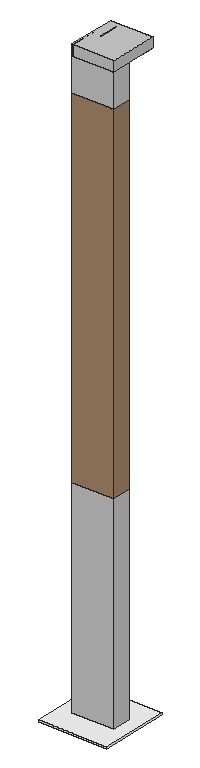
Revit family "BE_84470_de_DE", category Leuchten, Revit 2020
Family settings
  Basisbauteil = Fläche
  Bemaßung runder Anschluss = Durchmesser verwenden
  Teiletyp = Normal
  Beim Laden mit Abzugskörper schneiden = Ja
  Lichtquelle = Ja
  Gemeinsam genutzt = Nein
  Raumberechnungspunkt = Ja
Parameters (values of type "BEGA_84470_Silber_K4")
  built-in parameter 1150104 = 15.794 (stored number, unit not read)
  Windangriffsfläche = "0.9 m²"
  Werkzeuglos = ""
  Wattage = 18 W
  Default Elevation = 0 mm
  built-in parameter 1150113 = 1 (stored number, unit not read)
  built-in parameter 1114218 = 1 (stored number, unit not read)
  Umgebungstemperatur = "25 °C"
  URL = "https://www.bega.com/de/produkt/84470"
  Typenkommentare = "© 2022 BEGA. Wir behalten uns das Recht vor, technische Änderungen ohne vorherige Ankündigung vorzunehmen."  # constant formula
  Type Image = 84470.png
  built-in parameter 1150134 = 12
  built-in parameter 1150109 = 1 (stored number, unit not read)
  Strom = ""
  built-in parameter 1150110 = 1 (stored number, unit not read)
  Spannung = 239.996 V
  Sonderanfertigung = no
  Seriennummer [instance] = "Hier können Sie die eindeutige Seriennummer für das Facility Management eintragen."
  Schutzklasse = "I"
  Schutzart = "IP 65"
  Scheinlast = 0 VA
  Produktdatenblatt = "https://cdn.bega.com/bega/products/84470K3/current/documents/data-sheets/de"
  Oberflächentemperatur = ""
  Neigungswinkel = 0.00°
  Modell = "84470AK4"
  Material_38 = BEGA_Holz
  Material_17 = BEGA_Reflektor
  Material_15 = BEGA_Leuchtmedium_matt
  Material_09 = BEGA_Glas_klar
  Material_06 = BEGA_Oberfläche_Edelstahl_gebürstet
  Material_02 = BEGA_Oberfläche_Silber_matt
  Material_01 [instance] = BEGA_Oberfläche_Grafit_matt
  M_G = no
  M_A = yes
  Logo = 0
  built-in parameter 1114217 = 1 (stored number, unit not read)
  built-in parameter 1150139 = (empty or 0)
  built-in parameter 1150105 = 243.51 (stored number, unit not read)
  built-in parameter 1150114 = 1 (stored number, unit not read)
  Lumens = 3060 lm
  built-in parameter 1150115 = 1 (stored number, unit not read)
  Leuchtenlichtstrom = "2519 lm"
  Leuchtenanzahl = ""
  Lebensdauerkriterien = "L70B50 @ 25 °C = 200000 h"
  Lastklassifizierung = Beleuchtung
  built-in parameter 1150112 = 1 (stored number, unit not read)
  Lampenlichtstrom = "3090 lm"
  Lampe = "LED 15.4 W"
  LED_Modulbezeichnung = "2xLED-0850/840"
  built-in parameter 1150142 = (empty or 0)
  Hersteller = "BEGA"  # constant formula
  Halbstreuwinkel = ""
  Gewicht = "39.95 kg"
  Frequenz = "0/50-60 Hz"
  Farbwiedergabeindex = "CRI > 80"
  Farbtemperaturverschiebung bei Dämpfen der Lampe = <Keine Auswahl>
  Farbtemperatur = "4000 K"
  Color Filter = 16777215
  Erdstück [instance] = no
  built-in parameter 1150133 = 10 (stored number, unit not read)
  Energieeffizienzklasse = "LED A++ - A"
  built-in parameter 1150137 = (empty or 0)
  built-in parameter 1150132 = (empty or 0)
  ENEC = "ja"
  Dimmbar [instance] = "DALI"
  Datei für fotometrisches Netz = "BE_84470K4.IES"
  CE_Konformität = "ja"
  Bestellnummer_Erdstück [instance] = if(Erdstück, "71 140", "---")  # "---"
  Bestellnummer = "84470AK4"
  Beschreibung_Sonderanfertigung = "Hier können Sie Informationen zur Sonderanfertigung eintragen."
  Beschreibung = "Lichtbauelement"
  built-in parameter 1150106 = 2.4351 (stored number, unit not read)
  BEGA_Intern_aus = yes
  BEGA_Intern_an = yes
  BEGA_Intern_Konstruktion = yes
  BEGA_Intern = yes
  BEGA_IES = yes
  BEGA_Dummy = no
  Anschlussleitung = ""
  Anschlussleistung [instance] = "18 W"
  Anschlusskasten = ""
  built-in parameter 1150107 = 4000 (stored number, unit not read)
  built-in parameter 1150102 = (empty or 0)
  built-in parameter 1150138 = (empty or 0)
  Aktualisierung = "2022-05-19T04:00:07"
  Abstand_zur_angestrahlten_Fläche [instance] = ""
  AC/DC = "AC/DC"
Types (4, lengths in mm): name | built-in parameter 1150104 | built-in parameter 1150134 | Modell | M_G | M_A | built-in parameter 1150105 | Lumens | Leuchtenlichtstrom | Lampenlichtstrom | LED_Modulbezeichnung | Farbtemperatur | Datei für fotometrisches Netz | Bestellnummer | built-in parameter 1150106 | built-in parameter 1150107
  BEGA_84470_Grafit_K3 | 15.484 (stored number, unit not read) | (empty or 0) | "84470K3" | yes | no | 238.74 (stored number, unit not read) | 3000.06 lm | "2446 lm" | "3000 lm" | "2xLED-0850/830" | "3000 K" | "BE_84470K3.IES" | "84470K3" | 2.3874 (stored number, unit not read) | 3000 (stored number, unit not read)
  BEGA_84470_Silber_K4 | 15.794 (stored number, unit not read) | 12 | "84470AK4" | no | yes | 243.51 (stored number, unit not read) | 3060 lm | "2519 lm" | "3090 lm" | "2xLED-0850/840" | "4000 K" | "BE_84470K4.IES" | "84470AK4" | 2.4351 (stored number, unit not read) | 4000 (stored number, unit not read)
  BEGA_84470_Silber_K3 | 15.484 (stored number, unit not read) | (empty or 0) | "84470AK3" | no | yes | 238.74 (stored number, unit not read) | 3000.06 lm | "2446 lm" | "3000 lm" | "2xLED-0850/830" | "3000 K" | "BE_84470K3.IES" | "84470AK3" | 2.3874 (stored number, unit not read) | 3000 (stored number, unit not read)
  BEGA_84470_Grafit_K4 | 15.794 (stored number, unit not read) | 12 | "84470K4" | yes | no | 243.51 (stored number, unit not read) | 3060 lm | "2519 lm" | "3090 lm" | "2xLED-0850/840" | "4000 K" | "BE_84470K4.IES" | "84470K4" | 2.4351 (stored number, unit not read) | 4000 (stored number, unit not read)
Reference planes
  plane 1 "Mitte (Vorne/Hinten)": y = -55
  plane 2: z = 0
  plane 3 "Mitte (Links/Rechts)": x = 0
  plane 4 "Links": x = -120
  plane 5 "Rechts": x = 120
  plane 6 "Unten": y = -55
  plane 7 "Oben": y = 230
  plane 8 "Vorne": z = 3499.2
Forms (mm)
  Extrusion 1, solid, material "BEGA_Platte_Weiss"
    sketch origin (0, -1119.2, 0) x (1, 0, 0) y (0, 1, 0)
      loop
        line (-200, 1319.2) -> (-200, 919.2) -> (200, 919.2) -> (200, 1319.2) -> (-200, 1319.2)
    from 0 to -10
  Extrusion 2, solid, material "BEGA_Dummy_matt", visible <- "BEGA_Dummy"
    sketch origin (80.095, -76.023, 0) x (1, 0, 0) y (0, 1, 0)
      loop
        line (-200.095, 306.023) -> (-200.095, 21.023) -> (39.905, 21.023) -> (39.905, 306.023) -> (-200.095, 306.023)
    from 0 to 3499.2
Dimensions and locks
  plane 1 "Mitte (Vorne/Hinten)" to Extrusion 1 = 255 mm
  aligned and locked: Extrusion 1 to plane 2
  aligned and locked: Extrusion 1 to level
Nested families
  nested 1: "BE_84470" at (0, 0, 0), type "BE_84470"
Connectors
  electrical at (0, 0, 0), driven by "Lastklassifizierung", driven by "Spannung", driven by "Scheinlast"
    settings: index 1, voltage 239.996 V, apparent load 0 VA, apparent load phase1 0 VA, apparent load phase2 0 VA, apparent load phase3 0 VA, power factor 1, load classification "Beleuchtung", number of poles 1, system type 31, power factor state 1, is connector primary yes, connector utility no, sub classification motor no, connector description ""
Definition of nested family "BE_84470"
  Parameters (values of type "BE_84470")
    Default Elevation = 1 mm
    URL = "http://www.bega.de/de/produkt"
    Type Comments = "© 2015 BEGA. Wir behalten uns das Recht vor, technische Änderungen ohne vorherige Ankündigung vorzunehmen. "  # constant formula
    Type Image = (empty or 0)
    Material_38 = none
    Material_17 = none
    Material_15 = none
    Material_09 = none
    Material_06 = none
    Material_02 = none
    Material_01 = none
    M_W = yes
    M_G = yes
    M_A = no
    Länge_Platte = 200 mm  # constant formula
    Höhe_Platte = -10 mm  # constant formula
    Manufacturer = "BEGA"  # constant formula
    Breite_Platte = 200 mm  # constant formula
  Reference planes
    plane 1 "Mitte (Oben/Unten)": y = 0
    plane 2: z = 0
    plane 3 "Mitte (Links/Rechts)": x = 0
    plane 4: z = 3499.2
    plane 5: x = 120
    plane 6: z = 0
    plane 7: x = -120
    plane 8: y = -55
    plane 9: y = 197.985
  Forms (mm)
    Extrusion 1, solid, detail levels medium
      sketch origin (0, 0, 0) x (1, 0, 0) y (0, 1, 0)
        loop
          line (-100, 100) -> (-100, -100) -> (100, -100) -> (100, 100) -> (-100, 100)
      from 0 to -10 <- "Höhe_Platte"
    Extrusion 2, solid, material <- "Material_01", visible <- "M_G"
      sketch origin (0, 0, 0) x (1, 0, 0) y (0, 1, 0)
        loop
          line (120, -55) -> (120, 55) -> (-120, 55) -> (-120, -55) -> (120, -55)
        loop
          line (116, -51) -> (116, 51.975) -> (-116, 51.975) -> (-116, -51) -> (116, -51)
      from 0 to 1202
    Extrusion 3, solid, material <- "Material_01", visible <- "M_G"
      sketch origin (0, 2, 0) x (1, 0, 0) y (0, 1, 0)
        loop
          line (120, 228) -> (-120, 228) -> (-120, -57) -> (120, -57) -> (120, 228)
        loop
          line (117.474, -54.474) -> (117.474, 225.474) -> (-117.474, 225.474) -> (-117.474, -54.474) -> (117.474, -54.474)
      from 3439.7 to 3495.847
    Extrusion 4, solid, material <- "Material_01", visible <- "M_G"
      sketch origin (0, 0, 0) x (1, 0, 0) y (0, 1, 0)
        loop
          line (-120, -55) -> (120, -55) -> (120, 230) -> (-120, 230) -> (-120, -55)
      from 3495.847 to 3499.2
    Extrusion 5, solid, material <- "Material_01", visible <- "M_G"
      sketch origin (0, 0, 0) x (1, 0, 0) y (0, 1, 0)
        loop
          line (-117.474, 227.474) -> (-117.474, -52.474) -> (117.474, -52.474) -> (117.474, 227.474) -> (-117.474, 227.474)
        loop
          line (-107.474, 220.544) -> (-107.474, 60.456) -> (107.474, 60.456) -> (107.474, 220.544) -> (-107.474, 220.544)
      from 3436.5 to 3439.7
    Extrusion 6, solid, material <- "Material_09"
      sketch origin (0, 0, -199.9) x (0, 1, 0) y (0, 0, 1)
        loop
          line (220.5, 3636.4) -> (220.5, 3640.4) -> (60.5, 3640.4) -> (60.5, 3636.4) -> (220.5, 3636.4)
      from -107.474 to 107.474
    Extrusion 7, solid, material <- "Material_01", visible <- "M_G"
      sketch origin (0, 0, 0) x (1, 0, 0) y (0, 1, 0)
        loop
          line (120, -55) -> (120, 55) -> (-120, 55) -> (-120, -55) -> (120, -55)
        loop
          line (116, -51) -> (116, 51.975) -> (-116, 51.975) -> (-116, -51) -> (116, -51)
      from 3244.346 to 3436.5
    Extrusion 8, solid, material <- "Material_38"
      sketch origin (0, 0, 0) x (1, 0, 0) y (0, 1, 0)
        loop
          line (120, -55) -> (120, 55) -> (-120, 55) -> (-120, -55) -> (120, -55)
        loop
          line (116, -51) -> (116, 51.975) -> (-116, 51.975) -> (-116, -51) -> (116, -51)
      from 1202 to 3244.5
    Extrusion 9, solid, material <- "Material_02", visible <- "M_A"
      sketch origin (0, 0, 0) x (1, 0, 0) y (0, 1, 0)
        loop
          line (120, -55) -> (120, 55) -> (-120, 55) -> (-120, -55) -> (120, -55)
        loop
          line (116, -51) -> (116, 51.975) -> (-116, 51.975) -> (-116, -51) -> (116, -51)
      from 0 to 1202
    Extrusion 10, solid, material <- "Material_02", visible <- "M_A"
      sketch origin (0, 0, 0) x (1, 0, 0) y (0, 1, 0)
        loop
          line (120, -55) -> (120, 55) -> (-120, 55) -> (-120, -55) -> (120, -55)
        loop
          line (116, -51) -> (116, 51.975) -> (-116, 51.975) -> (-116, -51) -> (116, -51)
      from 3244.346 to 3436.5
    Extrusion 11, solid, material <- "Material_02", visible <- "M_A"
      sketch origin (0, 0, 0) x (1, 0, 0) y (0, 1, 0)
        loop
          line (-117.474, 227.474) -> (-117.474, -52.474) -> (117.474, -52.474) -> (117.474, 227.474) -> (-117.474, 227.474)
        loop
          line (-107.474, 220.544) -> (-107.474, 60.456) -> (107.474, 60.456) -> (107.474, 220.544) -> (-107.474, 220.544)
      from 3436.5 to 3439.7
    Extrusion 12, solid, material <- "Material_02", visible <- "M_A"
      sketch origin (0, 2, 0) x (1, 0, 0) y (0, 1, 0)
        loop
          line (120, 228) -> (-120, 228) -> (-120, -57) -> (120, -57) -> (120, 228)
        loop
          line (117.474, -54.474) -> (117.474, 225.474) -> (-117.474, 225.474) -> (-117.474, -54.474) -> (117.474, -54.474)
      from 3439.7 to 3495.847
    Extrusion 13, solid, material <- "Material_02", visible <- "M_A"
      sketch origin (0, 0, 0) x (1, 0, 0) y (0, 1, 0)
        loop
          line (-120, -55) -> (120, -55) -> (120, 230) -> (-120, 230) -> (-120, -55)
      from 3495.847 to 3499.2
    Extrusion 14, solid, material <- "Material_17"
      sketch origin (0, 0, 0) x (1, 0, 0) y (0, 0, 1)
        loop
          line (93.548, 3444.9) -> (95.999, 3444.9) -> (102.531, 3463.869) -> (79.997, 3486.404)
          arc (79.997, 3486.404) -> (51.741, 3487.475) -> (23.615, 3484.562) r 200.5
          line (23.615, 3484.562) -> (0, 3480.408) -> (-23.615, 3484.562)
          arc (-23.615, 3484.562) -> (-51.741, 3487.475) -> (-79.997, 3486.404) r 200.5
          line (-79.997, 3486.404) -> (-102.531, 3463.869) -> (-96, 3444.902) -> (-93.531, 3444.902)
          arc (-93.531, 3444.902) -> (-92.639, 3445.454) -> (-92.735, 3446.499) r 0.997
          arc (-92.735, 3446.499) -> (-97.991, 3454.814) -> (-101.818, 3463.875) r 59.995
          line (-101.818, 3463.875) -> (-79.767, 3485.926)
          arc (-79.767, 3485.926) -> (-51.638, 3486.972) -> (-23.641, 3484.059) r 200
          line (-23.641, 3484.059) -> (0, 3479.9) -> (23.641, 3484.059)
          arc (23.641, 3484.059) -> (51.638, 3486.972) -> (79.767, 3485.926) r 200
          line (79.767, 3485.926) -> (101.827, 3463.866)
          arc (101.827, 3463.866) -> (98.002, 3454.811) -> (92.75, 3446.502) r 60
          arc (92.75, 3446.502) -> (92.653, 3445.454) -> (93.548, 3444.9) r 1
      from -215.468 to -65.468
    Extrusion 15, solid, material <- "Material_17"
      sketch origin (0, 0, 0) x (0, 1, 0) y (0, 0, 1)
        loop
          line (65.468, 3444.9) -> (76.201, 3444.9) -> (105.384, 3490.709) -> (133.124, 3490.709) -> (212.468, 3444.9) -> (215.468, 3444.9) -> (215.468, 3446.499) -> (210.698, 3446.499) -> (131.834, 3492.031) -> (105.659, 3492.031) -> (75.951, 3445.4) -> (68.468, 3445.4) -> (65.468, 3444.9)
      from -102.575 to 102.659
    Extrusion 16, solid, material <- "Material_01"
      sketch origin (0, 0, 0) x (1, 0, 0) y (0, 1, 0)
        loop
          line (-107.474, 60.456) -> (107.474, 60.456) -> (107.474, 220.544) -> (-107.474, 220.544) -> (-107.474, 60.456)
        loop
          line (-91.75, 212.468) -> (-91.75, 75.951) -> (92.771, 75.951) -> (92.771, 212.468) -> (-91.75, 212.468)
      from 3441.438 to 3440.5
    Extrusion 17, void
      sketch origin (0, 0, 0) x (1, 0, 0) y (0, 1, 0)
        loop
          line (-100.034, 140.468) -> (-100.034, 101.343) -> (-81.552, 101.343) -> (-81.552, 140.468) -> (-100.034, 140.468)
      from 3459.779 to 3486.404
    Extrusion 18, void
      sketch origin (0, 0, 0) x (-1, 0, 0) y (0, -1, 0)
        loop
          line (-100.034, -140.468) -> (-81.552, -140.468) -> (-81.552, -101.343) -> (-100.034, -101.343) -> (-100.034, -140.468)
      from 3459.779 to 3486.404
    Extrusion 19, solid, material <- "Material_15"
      sketch origin (0, 0, 0) x (1, 0, 0) y (0, 0, 1)
        loop
          line (101.743, 3464.657) -> (102.528, 3465.442) -> (81.905, 3486.066) -> (81.12, 3485.281) -> (101.743, 3464.657)
      from -144.465 to -97.589
    Extrusion 20, solid, material <- "Material_15"
      sketch origin (0, 0, 0) x (-1, 0, 0) y (0, 0, -1)
        loop
          line (101.743, -3464.657) -> (81.12, -3485.281) -> (81.905, -3486.066) -> (102.528, -3465.442) -> (101.743, -3464.657)
      from -144.465 to -97.589
  Cuts and joins
    Extrusion 18 cuts Extrusion 3
    joined: Extrusion 3, Extrusion 4
    Extrusion 18 cuts Extrusion 12
    joined: Extrusion 12, Extrusion 13
    Extrusion 17, Extrusion 18 cuts Extrusion 14
  Dimensions and locks
    equal spacing: Extrusion 1 sketch curve, plane 3 "Mitte (Links/Rechts)", Extrusion 1 sketch curve
    equal spacing: Extrusion 1 sketch curve, plane 1 "Mitte (Oben/Unten)", Extrusion 1 sketch curve
    "Länge_Platte": Extrusion 1 sketch curve to Extrusion 1 sketch curve
    "Breite_Platte": Extrusion 1 sketch curve to Extrusion 1 sketch curve
    aligned and locked: plane 2 to Extrusion 1
    aligned and locked: level to Extrusion 1
  Automatic sketch dimensions
    Extrusion 2 sketch curve to plane 7 = 0 mm
    Extrusion 2 sketch curve to plane 5 = 0 mm
    Extrusion 2 sketch curve to plane 8 = 0 mm
    plane 7 to Extrusion 2 sketch curve = 4 mm
    plane 5 to Extrusion 2 sketch curve = 4 mm
    plane 8 to Extrusion 2 sketch curve = 4 mm
    Extrusion 2 sketch curve to plane 1 "Mitte (Oben/Unten)" = 51.975 mm
    Extrusion 2 sketch curve to Extrusion 2 sketch curve = 3.025 mm
    Extrusion 3 sketch curve to plane 7 = 0 mm
    Extrusion 3 sketch curve to plane 5 = 0 mm
    Extrusion 3 sketch curve to plane 8 = 0 mm
    plane 7 to Extrusion 3 sketch curve = 2.526 mm
    plane 5 to Extrusion 3 sketch curve = 2.526 mm
    plane 8 to Extrusion 3 sketch curve = 2.526 mm
    plane 9 to Extrusion 3 sketch curve = 29.489 mm
    Extrusion 3 sketch curve to Extrusion 3 sketch curve = 2.526 mm
    Extrusion 4 sketch curve to plane 7 = 0 mm
    Extrusion 4 sketch curve to plane 5 = 0 mm
    Extrusion 4 sketch curve to plane 8 = 0 mm
    plane 9 to Extrusion 4 sketch curve = 32.015 mm
    plane 7 to Extrusion 5 sketch curve = 2.526 mm
    plane 7 to Extrusion 5 sketch curve = 12.526 mm
    plane 5 to Extrusion 5 sketch curve = 12.526 mm
    plane 5 to Extrusion 5 sketch curve = 2.526 mm
    plane 8 to Extrusion 5 sketch curve = 2.526 mm
    Extrusion 5 sketch curve to plane 1 "Mitte (Oben/Unten)" = 60.456 mm
    plane 9 to Extrusion 5 sketch curve = 22.558 mm
    Extrusion 5 sketch curve to Extrusion 5 sketch curve = 6.931 mm
    Extrusion 6 sketch curve to plane 1 "Mitte (Oben/Unten)" = 60.5 mm
    plane 9 to Extrusion 6 sketch curve = 22.515 mm
    Extrusion 6 sketch curve to plane 4 = 62.7 mm
    Extrusion 6 sketch curve to Extrusion 6 sketch curve = 4 mm
    Extrusion 7 sketch curve to plane 7 = 0 mm
    Extrusion 7 sketch curve to plane 5 = 0 mm
    Extrusion 7 sketch curve to plane 8 = 0 mm
    plane 7 to Extrusion 7 sketch curve = 4 mm
    plane 5 to Extrusion 7 sketch curve = 4 mm
    plane 8 to Extrusion 7 sketch curve = 4 mm
    Extrusion 7 sketch curve to plane 1 "Mitte (Oben/Unten)" = 51.975 mm
    Extrusion 7 sketch curve to Extrusion 7 sketch curve = 3.025 mm
    Extrusion 8 sketch curve to plane 7 = 0 mm
    Extrusion 8 sketch curve to plane 5 = 0 mm
    Extrusion 8 sketch curve to plane 8 = 0 mm
    plane 7 to Extrusion 8 sketch curve = 4 mm
    plane 5 to Extrusion 8 sketch curve = 4 mm
    plane 8 to Extrusion 8 sketch curve = 4 mm
    Extrusion 8 sketch curve to plane 1 "Mitte (Oben/Unten)" = 51.975 mm
    Extrusion 8 sketch curve to Extrusion 8 sketch curve = 3.025 mm
    Extrusion 9 sketch curve to plane 7 = 0 mm
    Extrusion 9 sketch curve to plane 5 = 0 mm
    Extrusion 9 sketch curve to plane 8 = 0 mm
    plane 7 to Extrusion 9 sketch curve = 4 mm
    plane 5 to Extrusion 9 sketch curve = 4 mm
    plane 8 to Extrusion 9 sketch curve = 4 mm
    Extrusion 9 sketch curve to plane 1 "Mitte (Oben/Unten)" = 51.975 mm
    Extrusion 9 sketch curve to Extrusion 9 sketch curve = 3.025 mm
    Extrusion 10 sketch curve to plane 7 = 0 mm
    Extrusion 10 sketch curve to plane 5 = 0 mm
    Extrusion 10 sketch curve to plane 8 = 0 mm
    plane 7 to Extrusion 10 sketch curve = 4 mm
    plane 5 to Extrusion 10 sketch curve = 4 mm
    plane 8 to Extrusion 10 sketch curve = 4 mm
    Extrusion 10 sketch curve to plane 1 "Mitte (Oben/Unten)" = 51.975 mm
    Extrusion 10 sketch curve to Extrusion 10 sketch curve = 3.025 mm
    plane 7 to Extrusion 11 sketch curve = 2.526 mm
    plane 7 to Extrusion 11 sketch curve = 12.526 mm
    plane 5 to Extrusion 11 sketch curve = 12.526 mm
    plane 5 to Extrusion 11 sketch curve = 2.526 mm
    plane 8 to Extrusion 11 sketch curve = 2.526 mm
    Extrusion 11 sketch curve to plane 1 "Mitte (Oben/Unten)" = 60.456 mm
    plane 9 to Extrusion 11 sketch curve = 22.558 mm
    Extrusion 11 sketch curve to Extrusion 11 sketch curve = 6.931 mm
    Extrusion 12 sketch curve to plane 7 = 0 mm
    Extrusion 12 sketch curve to plane 5 = 0 mm
    Extrusion 12 sketch curve to plane 8 = 0 mm
    plane 7 to Extrusion 12 sketch curve = 2.526 mm
    plane 5 to Extrusion 12 sketch curve = 2.526 mm
    plane 8 to Extrusion 12 sketch curve = 2.526 mm
    plane 9 to Extrusion 12 sketch curve = 29.489 mm
    Extrusion 12 sketch curve to Extrusion 12 sketch curve = 2.526 mm
    Extrusion 13 sketch curve to plane 7 = 0 mm
    Extrusion 13 sketch curve to plane 5 = 0 mm
    Extrusion 13 sketch curve to plane 8 = 0 mm
    plane 9 to Extrusion 13 sketch curve = 32.015 mm
    Extrusion 14 sketch curve to Extrusion 14 sketch curve = 0 mm  (x9)
    Extrusion 14 sketch curve to plane 3 "Mitte (Links/Rechts)" = 0 mm  (x2)
    Extrusion 14 sketch curve to plane 3 "Mitte (Links/Rechts)" = 23.615 mm
    Extrusion 14 sketch curve to Extrusion 14 sketch curve = 21.208 mm
    Extrusion 14 sketch curve to plane 3 "Mitte (Links/Rechts)" = 58.288 mm
    Extrusion 14 sketch curve to plane 4 = 13.275 mm  (x2)
    Extrusion 14 sketch curve to Extrusion 14 sketch curve = 34.945 mm
    Extrusion 14 sketch curve to plane 4 = 12.797 mm  (x2)
    Extrusion 14 sketch curve to Extrusion 14 sketch curve = 0.229 mm  (x2)
    plane 7 to Extrusion 14 sketch curve = 26.469 mm
    Extrusion 14 sketch curve to Extrusion 14 sketch curve = 2.469 mm
    plane 7 to Extrusion 14 sketch curve = 18.182 mm
    Extrusion 14 sketch curve to Extrusion 14 sketch curve = 0.713 mm
    plane 3 "Mitte (Links/Rechts)" to Extrusion 14 sketch curve = 23.615 mm
    Extrusion 14 sketch curve to Extrusion 14 sketch curve = 21.215 mm
    plane 3 "Mitte (Links/Rechts)" to Extrusion 14 sketch curve = 58.288 mm
    Extrusion 14 sketch curve to Extrusion 14 sketch curve = 34.938 mm
    plane 5 to Extrusion 14 sketch curve = 26.452 mm
    Extrusion 14 sketch curve to Extrusion 14 sketch curve = 2.451 mm
    plane 5 to Extrusion 14 sketch curve = 18.173 mm
    Extrusion 14 sketch curve to Extrusion 14 sketch curve = 0.704 mm
    Extrusion 14 sketch curve to Extrusion 14 sketch curve = 1.364 mm
    Extrusion 14 sketch curve to plane 4 = 16.592 mm
    Extrusion 14 sketch curve to plane 4 = 16.593 mm
    Extrusion 14 sketch curve to plane 4 = 18.792 mm
    Extrusion 14 sketch curve to Extrusion 14 sketch curve = 0.508 mm
    Extrusion 14 sketch curve to Extrusion 14 sketch curve = 22.051 mm
    Extrusion 14 sketch curve to Extrusion 14 sketch curve = 0.006 mm
    Extrusion 14 sketch curve to Extrusion 14 sketch curve = 22.056 mm
    Extrusion 14 sketch curve to Extrusion 14 sketch curve = 0.003 mm
    Extrusion 14 sketch curve to Extrusion 14 sketch curve = 17.966 mm
    Extrusion 14 sketch curve to Extrusion 14 sketch curve = 17.976 mm
    Extrusion 14 sketch curve to Extrusion 14 sketch curve = 0.997 mm
    Extrusion 14 sketch curve to Extrusion 14 sketch curve = 0.027 mm  (x2)
    Extrusion 14 sketch curve to Extrusion 14 sketch curve = 0.799 mm
    Extrusion 15 sketch curve to plane 1 "Mitte (Oben/Unten)" = 65.468 mm
    Extrusion 15 sketch curve to Extrusion 15 sketch curve = 3 mm  (x2)
    Extrusion 15 sketch curve to Extrusion 15 sketch curve = 7.483 mm
    Extrusion 15 sketch curve to Extrusion 15 sketch curve = 0.25 mm
    Extrusion 15 sketch curve to plane 4 = 8.491 mm
    Extrusion 15 sketch curve to Extrusion 15 sketch curve = 29.433 mm
    Extrusion 15 sketch curve to plane 4 = 7.169 mm
    Extrusion 15 sketch curve to Extrusion 15 sketch curve = 0.274 mm
    Extrusion 15 sketch curve to Extrusion 15 sketch curve = 26.176 mm
    Extrusion 15 sketch curve to Extrusion 15 sketch curve = 1.29 mm
    plane 9 to Extrusion 15 sketch curve = 12.713 mm
    Extrusion 15 sketch curve to Extrusion 15 sketch curve = 1.77 mm
    Extrusion 15 sketch curve to plane 4 = 52.701 mm
    Extrusion 15 sketch curve to plane 4 = 53.8 mm
    Extrusion 15 sketch curve to Extrusion 15 sketch curve = 1.599 mm
    Extrusion 15 sketch curve to Extrusion 15 sketch curve = 0.5 mm
    plane 7 to Extrusion 16 sketch curve = 12.526 mm
    Extrusion 16 sketch curve to Extrusion 16 sketch curve = 15.725 mm
    plane 5 to Extrusion 16 sketch curve = 27.229 mm
    plane 5 to Extrusion 16 sketch curve = 12.526 mm
    Extrusion 16 sketch curve to plane 1 "Mitte (Oben/Unten)" = 60.456 mm
    Extrusion 16 sketch curve to Extrusion 16 sketch curve = 15.495 mm
    plane 9 to Extrusion 16 sketch curve = 14.483 mm
    Extrusion 16 sketch curve to Extrusion 16 sketch curve = 8.076 mm
    plane 7 to Extrusion 17 sketch curve = 19.966 mm
    Extrusion 17 sketch curve to Extrusion 17 sketch curve = 18.481 mm
    Extrusion 17 sketch curve to plane 9 = 96.642 mm
    Extrusion 17 sketch curve to Extrusion 17 sketch curve = 39.125 mm
    Extrusion 18 sketch curve to plane 5 = 19.966 mm
    Extrusion 18 sketch curve to Extrusion 18 sketch curve = 18.481 mm
    plane 9 to Extrusion 18 sketch curve = 96.642 mm
    Extrusion 18 sketch curve to Extrusion 18 sketch curve = 39.125 mm
    plane 5 to Extrusion 19 sketch curve = 38.88 mm
    Extrusion 19 sketch curve to plane 4 = 13.135 mm
    Extrusion 19 sketch curve to Extrusion 19 sketch curve = 0.785 mm  (x2)
    plane 5 to Extrusion 19 sketch curve = 18.257 mm
    Extrusion 20 sketch curve to plane 7 = 38.88 mm
    plane 4 to Extrusion 20 sketch curve = 13.135 mm
    Extrusion 20 sketch curve to Extrusion 20 sketch curve = 0.785 mm  (x2)
    Extrusion 20 sketch curve to plane 7 = 18.257 mm
